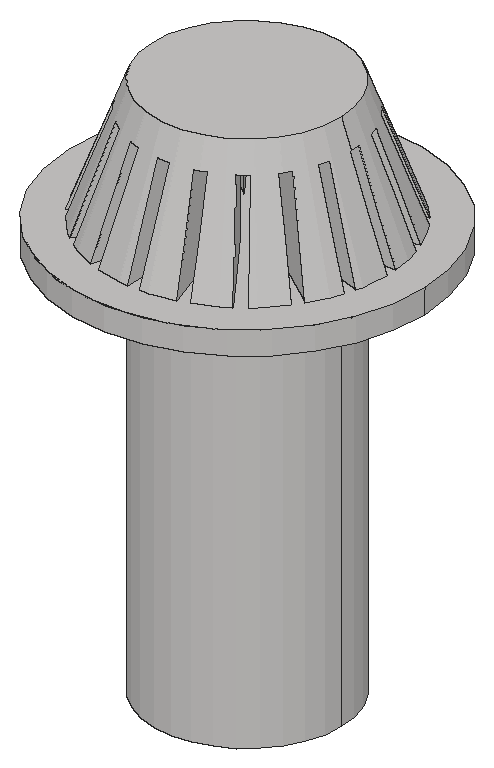
Revit family "22142613 - Roof Drains - Type A", category Plumbing Fixtures, Revit 2020
Family settings
  Round Connector Dimension = Use Diameter
  Part Type = Normal
  OmniClass Number = 23.45.00.00
  OmniClass Title = Sanitary, Laundry, and Cleaning Equipment
  Work Plane-Based = No
  Always vertical = Yes
  Cut with Voids When Loaded = No
  Shared = No
  Room Calculation Point = No
Parameters
  Roof Drain Material = 4" ROOF DRAIN, TYP. (SEE PLUMB DWGS) - OVERFLOW SCUPPER AT EACH DRAIN
  Pipe Radius = 4"
  Pipe Material = 4" ROOF DRAIN, TYP. (SEE PLUMB DWGS) - OVERFLOW SCUPPER AT EACH DRAIN
  Overall Radius = 0' - 7 1/2"
  Pipe Diameter = Pipe Radius * 2  # 0' - 8"
  Default Elevation = 0' - 0"
Reference planes (in)
  plane 1 "Center (Front/Back)": y = 0
  plane 2: z = 0
  plane 3 "Center (Left/Right)": x = 0
Forms (in)
  Extrusion 1, solid, material "4" ROOF DRAIN, TYP. (SEE PLUMB DWGS) - OVERFLOW SCUPPER AT EACH DRAIN" <- "Pipe Material"
    sketch origin (0, 0, 0) x (1, 0, 0) y (0, 1, 0)
      loop
        circle (0, 0) r 4
    from -16.79912 to 0
  Extrusion 2, solid, material "4" ROOF DRAIN, TYP. (SEE PLUMB DWGS) - OVERFLOW SCUPPER AT EACH DRAIN" <- "Roof Drain Material"
    sketch origin (0, 0, 0) x (1, 0, 0) y (0, 1, 0)
      loop
        circle (0, 0) r 7.5
    from 0 to 1
  Blend 3, solid, material "4" ROOF DRAIN, TYP. (SEE PLUMB DWGS) - OVERFLOW SCUPPER AT EACH DRAIN" <- "Roof Drain Material"
    base sketch origin (0, 0, 0) x (1, 0, 0) y (0, 1, 0)
      loop
        circle (0, 0) r 6
    top sketch origin (0, 0, 0) x (1, 0, 0) y (0, 1, 0)
      loop
        circle (0, 0) r 4
    from 1 to 6.25
  Extrusion 4, void
    sketch origin (1.50294, 0, 0) x (1, 0, 0) y (0, 1, 0)
      loop
        line (-1.75294, 7) -> (-1.75294, -6.78171) -> (-1.25294, -6.78171) -> (-1.25294, 7) -> (-1.75294, 7)
    from 1 to 5.13242
  Extrusion 5, void
    sketch origin (1.28006, 0.90425, 0) x (0.809017, 0.587785, 0) y (-0.587785, 0.809017, 0)
      loop
        line (-1.75294, 7) -> (-1.75294, -6.78171) -> (-1.25294, -6.78171) -> (-1.25294, 7) -> (-1.75294, 7)
    from 1 to 5.13242
  Extrusion 6, void
    sketch origin (0.97171, 1.26089, 0) x (0.587785, 0.809017, 0) y (-0.809017, 0.587785, 0)
      loop
        line (-1.75294, 7) -> (-1.75294, -6.78171) -> (-1.25294, -6.78171) -> (-1.25294, 7) -> (-1.75294, 7)
    from 1 to 5.13242
  Extrusion 7, void
    sketch origin (0.56824, 1.5048, 0) x (0.309017, 0.951057, 0) y (-0.951057, 0.309017, 0)
      loop
        line (-1.75294, 7) -> (-1.75294, -6.78171) -> (-1.25294, -6.78171) -> (-1.25294, 7) -> (-1.75294, 7)
    from 1 to 5.13242
  Extrusion 8, void
    sketch origin (0.10915, 1.61209, 0) x (0, 1, 0) y (-1, 0, 0)
      loop
        line (-1.75294, 7) -> (-1.75294, -6.78171) -> (-1.25294, -6.78171) -> (-1.25294, 7) -> (-1.75294, 7)
    from 1 to 5.13242
  Extrusion 9, void
    sketch origin (-0.36063, 1.57225, 0) x (-0.309017, 0.951057, 0) y (-0.951057, -0.309017, 0)
      loop
        line (-1.75294, 7) -> (-1.75294, -6.78171) -> (-1.25294, -6.78171) -> (-1.25294, 7) -> (-1.75294, 7)
    from 1 to 5.13242
  Extrusion 10, void
    sketch origin (-0.7951, 1.3892, 0) x (-0.587785, 0.809017, 0) y (-0.809017, -0.587785, 0)
      loop
        line (-1.75294, 7) -> (-1.75294, -6.78171) -> (-1.25294, -6.78171) -> (-1.25294, 7) -> (-1.75294, 7)
    from 1 to 5.13242
  Extrusion 11, void
    sketch origin (-1.15175, 1.08085, 0) x (-0.809017, 0.587785, 0) y (-0.587785, -0.809017, 0)
      loop
        line (-1.75294, 7) -> (-1.75294, -6.78171) -> (-1.25294, -6.78171) -> (-1.25294, 7) -> (-1.75294, 7)
    from 1 to 5.13242
  Extrusion 12, void
    sketch origin (-1.39565, 0.67738, 0) x (-0.951057, 0.309017, 0) y (-0.309017, -0.951057, 0)
      loop
        line (-1.75294, 7) -> (-1.75294, -6.78171) -> (-1.25294, -6.78171) -> (-1.25294, 7) -> (-1.75294, 7)
    from 1 to 5.13242
  Extrusion 13, void
    sketch origin (1.46311, 0.46978, 0) x (0.951057, 0.309017, 0) y (-0.309017, 0.951057, 0)
      loop
        line (-1.75294, 7) -> (-1.75294, -6.78171) -> (-1.25294, -6.78171) -> (-1.25294, 7) -> (-1.75294, 7)
    from 1 to 5.13242
Cuts and joins
  Extrusion 4, Extrusion 5, Extrusion 6, Extrusion 7, Extrusion 8, Extrusion 9, Extrusion 10, Extrusion 11, Extrusion 12, Extrusion 13 cuts Blend 3
Dimensions and locks (in)
  "Pipe Radius": radius of Extrusion 1 sketch curve
  "Overall Radius": radius of Extrusion 2 sketch curve
  aligned and locked: level to plane 2
  aligned and locked: Blend 3 to Extrusion 2
Connectors (in)
  piping at (0, 0, -16.79912), diameter 8, driven by "Pipe Diameter"
    settings: on Extrusion 1, index 1, connector inside diameter 24", connector length 0' - 0", flow factor 0, pipe flow 0 GPM, pressure drop 0.00 psi, fitting loss kfactor 0, connector angle 0.00°, fixture units 0, engagement length 0' - 0", angle of deflection 0.00°, flow configuration 1, flow direction 2, fitting loss method 0, system type 16, joint type 0, gender type 0, connector reference index -1, connector utility 0, adjustable connector no, is connector primary yes, connector description ""
